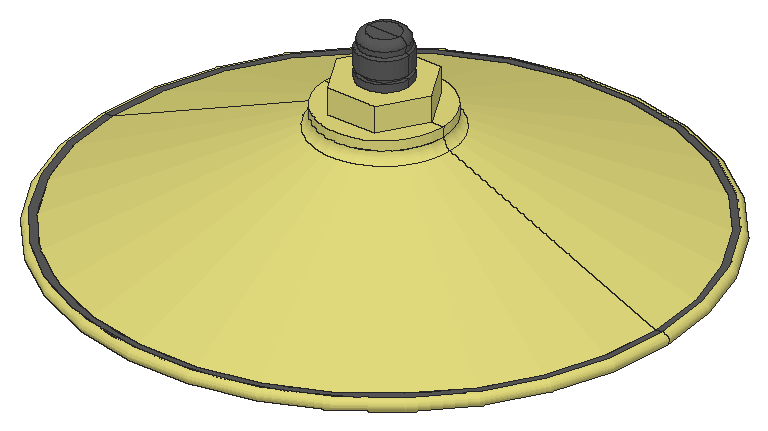
Revit family "H2-SB SHADE", category Lighting Fixtures, Revit 2024
Family settings
  Round Connector Dimension = Use Diameter
  Part Type = Normal
  OmniClass Number = 23.80.70.00
  OmniClass Title = Lighting
  Work Plane-Based = No
  Always vertical = Yes
  Cut with Voids When Loaded = No
  Light Source = Yes
  Maintain Annotation Orientation = No
  Shared = No
  Room Calculation Point = No
Parameters
  Wattage = 12.1178 W
  built-in parameter 1150110 = 1 (stored number, unit not read)
  built-in parameter 1114217 = 1 (stored number, unit not read)
  built-in parameter 1150109 = 1 (stored number, unit not read)
  built-in parameter 1150134 = (empty or 0)
  built-in parameter 1150113 = 1 (stored number, unit not read)
  Lumens = 1800 lm
  built-in parameter 1150115 = 1 (stored number, unit not read)
  built-in parameter 1150105 = 572.96 (stored number, unit not read)
  Light Source Symbol Size = 2' - 0"
  built-in parameter 1150137 = (empty or 0)
  built-in parameter 1150139 = (empty or 0)
  built-in parameter 1150112 = 1 (stored number, unit not read)
  built-in parameter 1150114 = 1 (stored number, unit not read)
  built-in parameter 1150132 = 2
  built-in parameter 1150102 = (empty or 0)
  built-in parameter 1150138 = (empty or 0)
  built-in parameter 1150107 = 3000 (stored number, unit not read)
  built-in parameter 1150106 = 5.7296 (stored number, unit not read)
  built-in parameter 1150104 = 13.8 (stored number, unit not read)
  Dimming Lamp Color Temperature Shift = (empty or 0)
  Default Elevation = 0' - 0"
  Color Filter = 16777215
  built-in parameter 1114218 = 1 (stored number, unit not read)
  built-in parameter 1150133 = 10 (stored number, unit not read)
Reference planes (in)
  plane 1 "Light Source Axis (F/B)": y = 0
  plane 2: z = 0
  plane 3 "Light Source Axis (L/R)": x = 0
  plane 4 "Light Source Elevation": z = 84
Forms (in)
  Revolve 1, solid
    sketch origin (0, 0, 0) x (1, 0, 0) y (0, 0, 1)
      loop
        line (-5.75104, 84.14107) -> (-1.34258, 86.00691)
        arc (-1.34258, 86.00691) -> (-1.20651, 86.13354) -> (-1.15625, 86.3125) r 0.34375
        line (-1.15625, 86.3125) -> (-1.15625, 86.40625) -> (-0.5, 86.40625) -> (-0.5, 86.5) -> (-1.25, 86.5) -> (-1.25, 86.3125)
        arc (-1.25, 86.3125) -> (-1.28571, 86.18374) -> (-1.38263, 86.09176) r 0.25
        line (-1.38263, 86.09176) -> (-5.7342, 84.25) -> (-5.875, 84.25)
        arc (-5.875, 84.25) -> (-5.95751, 84.0311) -> (-5.75104, 84.14107) r 0.125
      axis (0, 86.5) -> (0, 84.14107)
    angle from 0 to 360
  Extrusion 2, solid
    sketch origin (0, 0, 86.5) x (1, 0, 0) y (0, 1, 0)
      loop
        line (1, 0) -> (0.5, 0.86603) -> (-0.5, 0.86603) -> (-1, 0) -> (-0.5, -0.86603) -> (0.5, -0.86603) -> (1, 0)
    from 0 to 0.5
  Revolve 3, solid
    sketch origin (0, 0, 0) x (1, 0, 0) y (0, 0, 1)
      loop
        line (0, 87.88088) -> (-0.3135, 87.88088)
        arc (-0.3135, 87.88088) -> (-0.41957, 87.83694) -> (-0.4635, 87.73088) r 0.15
        line (-0.4635, 87.73088) -> (-0.4635, 87.63088) -> (-0.51273, 87.58164) -> (-0.51273, 87.23088) -> (-0.4296, 87.23088) -> (-0.4296, 87.14135) -> (-0.51273, 87.14135) -> (-0.51273, 87) -> (0, 87) -> (0, 87.88088)
      axis (0, 87.88088) -> (0, 87)
    angle from 0 to 360
Dimensions and locks (in)
  aligned and locked: plane 3 "Light Source Axis (L/R)" to imposter light
  aligned and locked: plane 1 "Light Source Axis (F/B)" to imposter light
  aligned and locked: plane 4 "Light Source Elevation" to imposter light
  aligned and locked: level to plane 2
